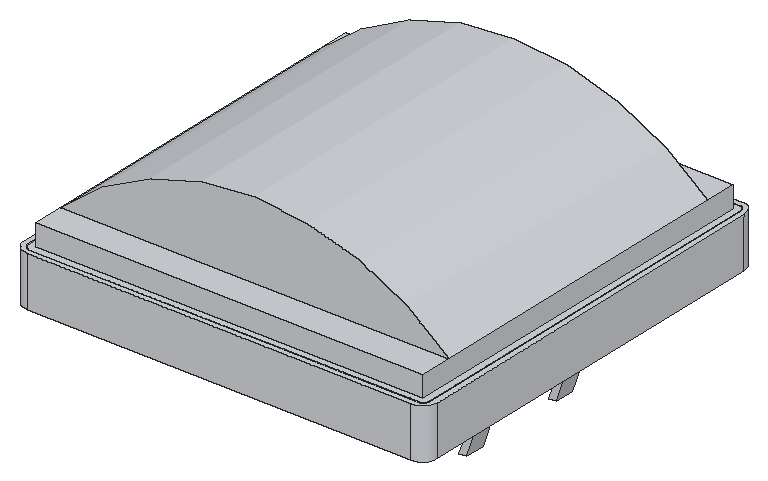
Revit family "Gira_066166", category Electrical Fixtures, host Face, Revit 2017
Family settings
  Host = Face
  Maintain Annotation Orientation = Yes
  Round Connector Dimension = Use Diameter
  Part Type = Normal
  Cut with Voids When Loaded = No
  Shared = No
  Room Calculation Point = No
Parameters (values of type "Auto.ctrl.sw. Komfort 1.10 m Gira TX_44 (WP FM) p.white")
  URL = "http://katalog.gira.de/en/datenblatt.html?artikelnr=066166"
  Name = "Auto.ctrl.sw. Komfort 1.10 m Gira TX_44 (WP FM) p.white"
  Model = "Movement sensor"
  Manufacturer URL = "https://www.gira.de/"
  Manufacturer = "Gira"
  Keynote = ""
  HeinzeBIM = "https://bimportal.heinze.de/bim/auto-ctrl-sw-komfort-1-10-m-gira-tx-44-wp-fm-p-white/4498e3188235786b2f2d80de8a9c85db3d609a1f"
  HAN = "066166"
  GTIN = "4010337661665"
  Description = "ACS Kmf.1.10m TX_44 PW,System  2000 automatic control switch Komfort top unit mounting height up to 1.10 m,Komfort top unit,pure white,Features:,- In conjunction with a System 2000 switching insert, the automatic control switch can be set to short-term operation. Short-term operation is brightness-independent and can be used to control a bell, for example.,- When a System 2000 dimming insert is used, when the set delay time elapses, the lighting is continuously dimmed to the minimum brightness within 30 seconds and then switched off.,- A memory value can be saved using a System 2000 auxiliary unit which is switched on when motion is detected.,- The current ambient brightness is easily saved as a brightness switching threshold using a teach-in function.,- Switchable to permanent-on, permanent-off, or automatic mode using a slider switch.,,Notes :,- Suitable for indoor use only.,- At an mounting height of 1.10 m, the horizontal detection field has no natural limit if used outdoors. Use the System 2000 automatic control switch mounting height up to 2.20 for outdoor use.,- The System 2000 automatic control switch top units can be operated with the System 2000 inserts as of release R2."
  Default Elevation = 1219.2 mm
  Data sheet (1) = "https://katalog.gira.de/en/download.html?artikelnr=066166"
  Category = "Sensor element for movement sensor"
  BIM (1) = "https://media.stage.bim.site/public/gira/36a6b08/Bewegungsmelder_1,10m.rfa"
  Available = "No"
Reference planes
  plane 1 "Center (Front/Back)": y = 0
  plane 2: z = 0
  plane 3 "Center (Left/Right)": x = 0
Forms (mm)
  Extrusion 1, solid, detail levels fine
    sketch origin (0, 0, 0) x (1, 0, 0) y (0, 0, 1)
      loop
        line (-33.025, 12.126) -> (33.025, 12.126)
        arc (33.025, 12.126) -> (0, 25.3) -> (-33.025, 12.126) r 47.982
    from -27.6 to 27.6
  Extrusion 2, solid, detail levels fine
    sketch origin (0, 0, 0) x (1, 0, 0) y (0, 1, 0)
      loop
        line (33.025, 33.025) -> (-33.025, 33.025) -> (-33.025, -33.025) -> (33.025, -33.025) -> (33.025, 33.025)
    from 8.55 to 12.126
  Extrusion 3, solid, detail levels fine
    sketch origin (0, 0, 0) x (1, 0, 0) y (0, 1, 0)
      loop
        spline (-32.7, 35.2) -> (-33.027, 35.179) -> (-33.347, 35.115) -> (-33.657, 35.01) -> (-33.95, 34.865) -> (-34.222, 34.683) -> (-34.468, 34.468) -> (-34.683, 34.222) -> (-34.865, 33.95) -> (-35.01, 33.657) -> (-35.115, 33.347) -> (-35.179, 33.027) -> (-35.2, 32.7)
        line (-35.2, 32.7) -> (-35.2, -32.7)
        spline (-35.2, -32.7) -> (-35.179, -33.027) -> (-35.115, -33.347) -> (-35.01, -33.657) -> (-34.865, -33.95) -> (-34.683, -34.222) -> (-34.468, -34.468) -> (-34.222, -34.683) -> (-33.95, -34.865) -> (-33.657, -35.01) -> (-33.347, -35.115) -> (-33.027, -35.179) -> (-32.7, -35.2)
        line (-32.7, -35.2) -> (32.7, -35.2)
        spline (32.7, -35.2) -> (33.027, -35.179) -> (33.347, -35.115) -> (33.657, -35.01) -> (33.95, -34.865) -> (34.222, -34.683) -> (34.468, -34.468) -> (34.683, -34.222) -> (34.865, -33.95) -> (35.01, -33.657) -> (35.115, -33.347) -> (35.179, -33.027) -> (35.2, -32.7)
        line (35.2, -32.7) -> (35.2, 32.7)
        spline (35.2, 32.7) -> (35.179, 33.027) -> (35.115, 33.347) -> (35.01, 33.657) -> (34.865, 33.95) -> (34.683, 34.222) -> (34.468, 34.468) -> (34.222, 34.683) -> (33.95, 34.865) -> (33.657, 35.01) -> (33.347, 35.115) -> (33.027, 35.179) -> (32.7, 35.2)
        line (32.7, 35.2) -> (-32.7, 35.2)
      loop
        line (-34.2, 33.2) -> (-34.2, -33.2)
        spline (-34.2, -33.2) -> (-34.191, -33.331) -> (-34.166, -33.459) -> (-34.124, -33.583) -> (-34.066, -33.7) -> (-33.993, -33.809) -> (-33.907, -33.907) -> (-33.809, -33.993) -> (-33.7, -34.066) -> (-33.583, -34.124) -> (-33.459, -34.166) -> (-33.331, -34.191) -> (-33.2, -34.2)
        line (-33.2, -34.2) -> (33.2, -34.2)
        spline (33.2, -34.2) -> (33.331, -34.191) -> (33.459, -34.166) -> (33.583, -34.124) -> (33.7, -34.066) -> (33.809, -33.993) -> (33.907, -33.907) -> (33.993, -33.809) -> (34.066, -33.7) -> (34.124, -33.583) -> (34.166, -33.459) -> (34.191, -33.331) -> (34.2, -33.2)
        line (34.2, -33.2) -> (34.2, 33.2)
        spline (34.2, 33.2) -> (34.191, 33.331) -> (34.166, 33.459) -> (34.124, 33.583) -> (34.066, 33.7) -> (33.993, 33.809) -> (33.907, 33.907) -> (33.809, 33.993) -> (33.7, 34.066) -> (33.583, 34.124) -> (33.459, 34.166) -> (33.331, 34.191) -> (33.2, 34.2)
        line (33.2, 34.2) -> (-33.2, 34.2)
        spline (-33.2, 34.2) -> (-33.331, 34.191) -> (-33.459, 34.166) -> (-33.583, 34.124) -> (-33.7, 34.066) -> (-33.809, 33.993) -> (-33.907, 33.907) -> (-33.993, 33.809) -> (-34.066, 33.7) -> (-34.124, 33.583) -> (-34.166, 33.459) -> (-34.191, 33.331) -> (-34.2, 33.2)
    from 0 to 8.55
  Extrusion 4, solid, detail levels fine
    sketch origin (0, 0, 0) x (1, 0, 0) y (0, 1, 0)
      loop
        line (-34.2, 33.2) -> (-34.2, -33.2)
        spline (-34.2, -33.2) -> (-34.191, -33.331) -> (-34.166, -33.459) -> (-34.124, -33.583) -> (-34.066, -33.7) -> (-33.993, -33.809) -> (-33.907, -33.907) -> (-33.809, -33.993) -> (-33.7, -34.066) -> (-33.583, -34.124) -> (-33.459, -34.166) -> (-33.331, -34.191) -> (-33.2, -34.2)
        line (-33.2, -34.2) -> (33.2, -34.2)
        spline (33.2, -34.2) -> (33.331, -34.191) -> (33.459, -34.166) -> (33.583, -34.124) -> (33.7, -34.066) -> (33.809, -33.993) -> (33.907, -33.907) -> (33.993, -33.809) -> (34.066, -33.7) -> (34.124, -33.583) -> (34.166, -33.459) -> (34.191, -33.331) -> (34.2, -33.2)
        line (34.2, -33.2) -> (34.2, 33.2)
        spline (34.2, 33.2) -> (34.191, 33.331) -> (34.166, 33.459) -> (34.124, 33.583) -> (34.066, 33.7) -> (33.993, 33.809) -> (33.907, 33.907) -> (33.809, 33.993) -> (33.7, 34.066) -> (33.583, 34.124) -> (33.459, 34.166) -> (33.331, 34.191) -> (33.2, 34.2)
        line (33.2, 34.2) -> (-33.2, 34.2)
        spline (-33.2, 34.2) -> (-33.331, 34.191) -> (-33.459, 34.166) -> (-33.583, 34.124) -> (-33.7, 34.066) -> (-33.809, 33.993) -> (-33.907, 33.907) -> (-33.993, 33.809) -> (-34.066, 33.7) -> (-34.124, 33.583) -> (-34.166, 33.459) -> (-34.191, 33.331) -> (-34.2, 33.2)
    from 6.175 to 8.55
  Extrusion 5, solid, detail levels fine
    sketch origin (0, 0, 0) x (1, 0, 0) y (0, 1, 0)
      loop
        spline (-27.7, -27.1) -> (-27.696, -27.165) -> (-27.683, -27.229) -> (-27.662, -27.291) -> (-27.633, -27.35) -> (-27.597, -27.404) -> (-27.554, -27.454) -> (-27.504, -27.497) -> (-27.45, -27.533) -> (-27.391, -27.562) -> (-27.329, -27.583) -> (-27.265, -27.596) -> (-27.2, -27.6)
        line (-27.2, -27.6) -> (27.2, -27.6)
        spline (27.2, -27.6) -> (27.265, -27.596) -> (27.329, -27.583) -> (27.391, -27.562) -> (27.45, -27.533) -> (27.504, -27.497) -> (27.554, -27.454) -> (27.597, -27.404) -> (27.633, -27.35) -> (27.662, -27.291) -> (27.683, -27.229) -> (27.696, -27.165) -> (27.7, -27.1)
        line (27.7, -27.1) -> (27.7, 27.1)
        spline (27.7, 27.1) -> (27.696, 27.165) -> (27.683, 27.229) -> (27.662, 27.291) -> (27.633, 27.35) -> (27.597, 27.404) -> (27.554, 27.454) -> (27.504, 27.497) -> (27.45, 27.533) -> (27.391, 27.562) -> (27.329, 27.583) -> (27.265, 27.596) -> (27.2, 27.6)
        line (27.2, 27.6) -> (-27.2, 27.6)
        spline (-27.2, 27.6) -> (-27.265, 27.596) -> (-27.329, 27.583) -> (-27.391, 27.562) -> (-27.45, 27.533) -> (-27.504, 27.497) -> (-27.554, 27.454) -> (-27.597, 27.404) -> (-27.633, 27.35) -> (-27.662, 27.291) -> (-27.683, 27.229) -> (-27.696, 27.165) -> (-27.7, 27.1)
        line (-27.7, 27.1) -> (-27.7, -27.1)
      loop
        line (26.9, 26.8) -> (-26.9, 26.8) -> (-26.9, -26.8) -> (26.9, -26.8) -> (26.9, 26.8)
    from 0 to 6.175
  Extrusion 6, solid, detail levels fine
    sketch origin (0, 0, 0) x (1, 0, 0) y (0, 1, 0)
      loop
        line (-15.4, -23.928) -> (15.4, -23.928)
        arc (15.4, -23.928) -> (21.43, -21.43) -> (23.928, -15.4) r 8.528
        line (23.928, -15.4) -> (23.928, 15.4)
        arc (23.928, 15.4) -> (21.43, 21.43) -> (15.4, 23.928) r 8.528
        line (15.4, 23.928) -> (-15.4, 23.928)
        arc (-15.4, 23.928) -> (-21.43, 21.43) -> (-23.928, 15.4) r 8.528
        line (-23.928, 15.4) -> (-23.928, -15.4)
        arc (-23.928, -15.4) -> (-21.43, -21.43) -> (-15.4, -23.928) r 8.528
    from -0.985 to 1.6
  Extrusion 7, solid, detail levels fine
    sketch origin (0, 0, 0) x (1, 0, 0) y (0, 1, 0)
      loop
        line (-26.35, 18.301) -> (-26.35, -18.801)
        spline (-26.35, -18.801) -> (-26.286, -19.78) -> (-26.095, -20.742) -> (-25.779, -21.671) -> (-25.345, -22.551) -> (-24.8, -23.366) -> (-24.154, -24.104) -> (-23.416, -24.75) -> (-22.601, -25.295) -> (-21.721, -25.729) -> (-20.792, -26.045) -> (-19.83, -26.236) -> (-18.851, -26.3)
        line (-18.851, -26.3) -> (18.851, -26.3)
        spline (18.851, -26.3) -> (19.83, -26.236) -> (20.792, -26.045) -> (21.721, -25.729) -> (22.601, -25.295) -> (23.416, -24.75) -> (24.154, -24.104) -> (24.8, -23.366) -> (25.345, -22.551) -> (25.779, -21.671) -> (26.094, -20.742) -> (26.286, -19.78) -> (26.35, -18.801)
        line (26.35, -18.801) -> (26.35, 18.301)
        spline (26.35, 18.301) -> (26.286, 19.28) -> (26.094, 20.242) -> (25.779, 21.171) -> (25.345, 22.051) -> (24.8, 22.866) -> (24.154, 23.604) -> (23.416, 24.25) -> (22.601, 24.795) -> (21.721, 25.229) -> (20.792, 25.545) -> (19.83, 25.736) -> (18.851, 25.8)
        line (18.851, 25.8) -> (-18.851, 25.8)
        spline (-18.851, 25.8) -> (-19.83, 25.736) -> (-20.792, 25.545) -> (-21.721, 25.229) -> (-22.601, 24.795) -> (-23.416, 24.25) -> (-24.154, 23.604) -> (-24.8, 22.866) -> (-25.345, 22.051) -> (-25.779, 21.171) -> (-26.095, 20.242) -> (-26.286, 19.28) -> (-26.35, 18.301)
    from 1.6 to 6.1
  Extrusion 8, solid, detail levels fine
    sketch origin (0, 0, 0) x (1, 0, 0) y (0, 0, 1)
      loop
        line (-23.048, -13.343) -> (-21.665, -13.513) -> (-24.338, -6.363) -> (-23.36, 1.6) -> (-25.023, 1.6) -> (-24.975, -1.121) -> (-25.39, -6.541) -> (-23.048, -13.343)
      loop
        line (23.048, -13.343) -> (25.39, -6.541) -> (24.975, -1.121) -> (25.023, 1.6) -> (23.36, 1.6) -> (24.338, -6.363) -> (21.665, -13.513) -> (23.048, -13.343)
    from 7.9 to 11.14
  Extrusion 9, solid, detail levels fine
    sketch origin (0, 0, 0) x (1, 0, 0) y (0, 0, -1)
      loop
        line (-23.048, 13.343) -> (-25.39, 6.541) -> (-24.975, 1.121) -> (-25.023, -1.6) -> (-23.36, -1.6) -> (-24.338, 6.363) -> (-21.665, 13.513) -> (-23.048, 13.343)
      loop
        line (23.048, 13.343) -> (21.665, 13.513) -> (24.338, 6.363) -> (23.36, -1.6) -> (25.023, -1.6) -> (24.975, 1.121) -> (25.39, 6.541) -> (23.048, 13.343)
    from 7.9 to 11.14
  Extrusion 10, solid, detail levels fine
    sketch origin (0, 0, 0) x (1, 0, 0) y (0, 1, 0)
      loop
        line (-5.141, 20.681) -> (-5.141, 15.099)
        spline (-5.141, 15.099) -> (-5.133, 14.968) -> (-5.107, 14.84) -> (-5.065, 14.716) -> (-5.007, 14.599) -> (-4.935, 14.49) -> (-4.849, 14.391) -> (-4.75, 14.305) -> (-4.641, 14.233) -> (-4.524, 14.175) -> (-4.4, 14.133) -> (-4.272, 14.107) -> (-4.141, 14.099)
        line (-4.141, 14.099) -> (4.141, 14.099)
        spline (4.141, 14.099) -> (4.272, 14.107) -> (4.4, 14.133) -> (4.524, 14.175) -> (4.641, 14.233) -> (4.75, 14.305) -> (4.849, 14.391) -> (4.935, 14.49) -> (5.007, 14.599) -> (5.065, 14.716) -> (5.107, 14.84) -> (5.133, 14.968) -> (5.141, 15.099)
        line (5.141, 15.099) -> (5.141, 20.681)
        spline (5.141, 20.681) -> (5.133, 20.812) -> (5.107, 20.94) -> (5.065, 21.064) -> (5.007, 21.181) -> (4.935, 21.29) -> (4.849, 21.389) -> (4.75, 21.475) -> (4.641, 21.547) -> (4.524, 21.605) -> (4.4, 21.647) -> (4.272, 21.673) -> (4.141, 21.681)
        line (4.141, 21.681) -> (-4.141, 21.681)
        spline (-4.141, 21.681) -> (-4.272, 21.673) -> (-4.4, 21.647) -> (-4.524, 21.605) -> (-4.641, 21.547) -> (-4.75, 21.475) -> (-4.849, 21.389) -> (-4.935, 21.29) -> (-5.007, 21.181) -> (-5.065, 21.064) -> (-5.107, 20.94) -> (-5.133, 20.812) -> (-5.141, 20.681)
    from -17.3 to -0.985
  Extrusion 11, solid, detail levels medium
    sketch origin (0, 0, 0) x (1, 0, 0) y (0, 1, 0)
      loop
        line (33.025, 33.025) -> (-33.025, 33.025) -> (-33.025, -33.025) -> (33.025, -33.025) -> (33.025, 33.025)
    from 8.55 to 25.3
  Extrusion 12, solid, detail levels medium
    sketch origin (0, 0, 0) x (1, 0, 0) y (0, 1, 0)
      loop
        line (-35.2, 35.2) -> (-35.2, -35.2) -> (35.2, -35.2) -> (35.2, 35.2) -> (-35.2, 35.2)
    from 0 to 8.55
  Extrusion 13, solid, detail levels medium
    sketch origin (0, 0, 0) x (1, 0, 0) y (0, 0, 1)
      loop
        line (-25.023, 1.6) -> (-25.023, -13.1) -> (-21.665, -13.513) -> (-21.665, 1.6) -> (-25.023, 1.6)
      loop
        line (25.023, 1.6) -> (21.665, 1.6) -> (21.665, -13.513) -> (25.023, -13.1) -> (25.023, 1.6)
    from 8 to 11.14
  Extrusion 14, solid, detail levels medium
    sketch origin (0, 0, 0) x (1, 0, 0) y (0, 0, -1)
      loop
        line (-25.023, -1.6) -> (-21.665, -1.6) -> (-21.665, 13.513) -> (-25.023, 13.1) -> (-25.023, -1.6)
      loop
        line (25.023, -1.6) -> (25.023, 13.1) -> (21.665, 13.513) -> (21.665, -1.6) -> (25.023, -1.6)
    from 8 to 11.14
  Extrusion 15, solid, detail levels medium
    sketch origin (0, 0, 0) x (1, 0, 0) y (0, 1, 0)
      loop
        line (-5.141, 21.681) -> (-5.141, 14.099) -> (5.141, 14.099) -> (5.141, 21.681) -> (-5.141, 21.681)
    from -17.3 to -0.985
  Extrusion 16, solid, detail levels coarse
    sketch origin (0, 0, 0) x (1, 0, 0) y (0, 1, 0)
      loop
        line (-35.2, 35.2) -> (-35.2, -35.2) -> (35.2, -35.2) -> (35.2, 35.2) -> (-35.2, 35.2)
    from -17.3 to 25.3
Dimensions and locks
  aligned and locked: plane 2 to host face
  aligned and locked: level to host face
  aligned and locked: nested 1 to plane 3 "Center (Left/Right)"
  aligned and locked: plane 1 "Center (Front/Back)" to nested 1
Nested families
  nested 1: "Belegungssensor - Bewegung - Aufputz - Beschriftung" at (0, 0, 0) x (0, -1, 0) z (0, 0, 1), type "Belegungssensor - Bewegung - Aufputz - Beschriftung"
Connectors
  electrical at (0, 0, -17.3)
    settings: on Extrusion 16, index 1, voltage 220 V, apparent load 0 VA, apparent load phase1 0 VA, apparent load phase2 0 VA, apparent load phase3 0 VA, power factor 1, load classification "Other", number of poles 1, system type 30, power factor state 1, is connector primary yes, connector utility no, sub classification motor no, connector description ""
Definition of nested family "Belegungssensor - Bewegung - Aufputz - Beschriftung"
  Reference planes
    plane 1: y = 0
    plane 2: x = 0
  Lines and regions (mm)
    Filled region 1, type "Gefüllter Bereich 1"
      outline origin (143.425, -20.712, 0) x (1, 0, 0) y (0, 1, 0)
        loop
          line (-148.697, 21.204) -> (-148.697, 20.409) -> (-147.583, 20.807) -> (-148.697, 21.204)
    Filled region 2, type "Gefüllter Bereich 1"
      outline origin (141.808, 30.001, 0) x (0.939693, 0.34202, 0) y (-0.34202, 0.939693, 0)
        loop
          line (-148.694, 21.203) -> (-148.694, 20.41) -> (-147.583, 20.807) -> (-148.694, 21.203)
    Filled region 3, type "Gefüllter Bereich 1"
      outline origin (141.819, -29.825, 0) x (-0.34202, -0.939693, 0) y (0.939693, -0.34202, 0)
        loop
          line (21.204, -148.697) -> (20.807, -147.583) -> (20.409, -148.697) -> (21.204, -148.697)
    detail lines
      curve 1: line (-1.207, 0.095, 0) -> (-3.486, 1.411, 0)
      curve 2: line (-1.207, 0.095, 0) -> (-3.486, -1.221, 0)
      curve 5: arc (-3.252, 1.752, 0) -> (-3.839, 0.095, 0) -> (-3.252, -1.562, 0) r 2.632
      curve 6: line (-6, 3, 0) -> (0, 3, 0)
      curve 7: line (-6, -3, 0) -> (-6, 3, 0)
      curve 8: line (0, -3, 0) -> (-6, -3, 0)
      curve 9: line (0, 3, 0) -> (0, -3, 0)
    reference lines
      curve 3: line (-1.207, 0.095, 0) -> (-3.616, 2.046, 0)
      curve 4: line (-1.207, 0.095, 0) -> (-3.616, -1.856, 0)
  Dimensions and locks
    curve 1 to curve 1 = 2.632 mm
    curve 2 to curve 2 = 2.632 mm
    curve 6 to curve 8 = 6 mm
    curve 7 to curve 9 = 6 mm
    angle curve 1 to curve 2 = 60.00°
    aligned and locked: curve 6 to curve 7
    aligned and locked: curve 9 to curve 9
